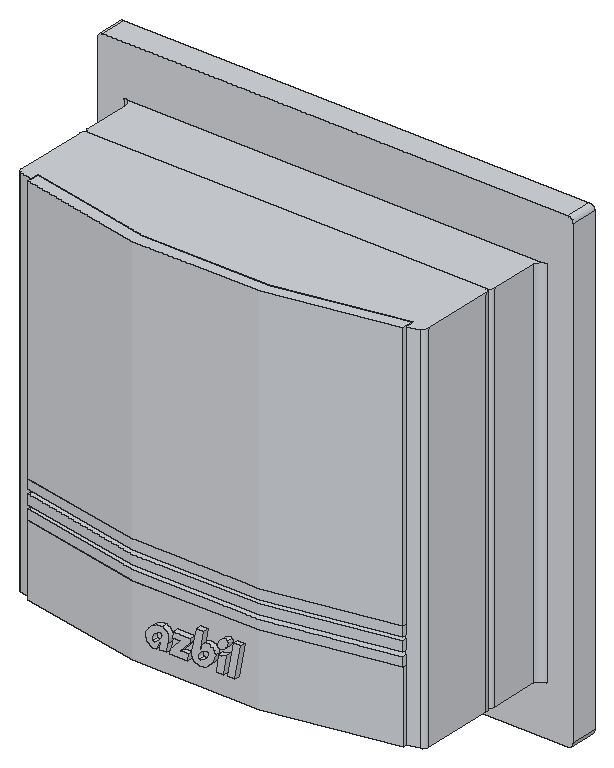
Revit family "室内用湿度ｾﾝｻｰver.2019(ロゴあり)", category 電気設備, Revit 2019
Family settings
  パネル構成 = 2 列表示、回路横
  丸型コネクタ寸法 = 直径を使用
  パーツ タイプ = 配電盤
  OmniClass 番号 = 23.80.30.11.17
  OmniClass タイトル = Distribution Boards and Control Panels
  作業面ベース = いいえ
  常に垂直 = はい
  ロード時にボイドで切り取り = いいえ
  共有 = いいえ
  部屋計算ポイント = いいえ
Parameters
  電線管φ [instance] = 1 mm
Reference planes
  plane 1 "中心(正面/背面)": y = 0
  plane 2: z = 0
  plane 3 "中心(左/右)": x = 0
Forms (mm)
  Extrusion 1, solid
    sketch origin (0, 0, 0) x (1, 0, 0) y (0, 0, 1)
      loop
        arc (-45, -44) -> (-44.707, -44.707) -> (-44, -45) r 1
        line (-44, -45) -> (44, -45)
        arc (44, -45) -> (44.707, -44.707) -> (45, -44) r 1
        line (45, -44) -> (45, 44)
        arc (45, 44) -> (44.707, 44.707) -> (44, 45) r 1
        line (44, 45) -> (-44, 45)
        arc (-44, 45) -> (-44.707, 44.707) -> (-45, 44) r 1
        line (-45, 44) -> (-45, -44)
    from -27.5 to -22.5
  Extrusion 2, solid
    sketch origin (0, 0, 0) x (1, 0, 0) y (0, 1, 0)
      loop
        arc (-40, 22.5) -> (-38.939, 22.061) -> (-38.5, 21) r 1.5
        line (-38.5, 21) -> (-38.5, 12)
        arc (-38.5, 12) -> (-38.207, 11.293) -> (-37.5, 11) r 1
        line (-37.5, 11) -> (37.5, 11)
        arc (37.5, 11) -> (38.207, 11.293) -> (38.5, 12) r 1
        line (38.5, 12) -> (38.5, 21)
        arc (38.5, 21) -> (38.939, 22.061) -> (40, 22.5) r 1.5
        line (40, 22.5) -> (-40, 22.5)
    from -35.5 to 35.41
  Extrusion 3, solid
    sketch origin (0, 0, 0) x (1, 0, 0) y (0, 1, 0)
      loop
        arc (-37.5, 11) -> (-38.207, 10.707) -> (-38.5, 10) r 1
        line (-38.5, 10) -> (-38.5, -3.669)
        arc (-38.5, -3.669) -> (-38.307, -4.259) -> (-37.804, -4.622) r 1
        arc (-37.804, -4.622) -> (-36.654, -4.982) -> (-35.5, -5.331) r 124.5
        line (-35.5, -5.331) -> (-35.5, -3.557)
        arc (-35.5, -3.557) -> (0, -8.8) -> (35.5, -3.557) r 122.8
        line (35.5, -3.557) -> (35.5, -5.331)
        arc (35.5, -5.331) -> (36.654, -4.982) -> (37.804, -4.622) r 124.5
        arc (37.804, -4.622) -> (38.307, -4.259) -> (38.5, -3.669) r 1
        line (38.5, -3.669) -> (38.5, 10)
        arc (38.5, 10) -> (38.207, 10.707) -> (37.5, 11) r 1
        line (37.5, 11) -> (-37.5, 11)
    from -35.5 to 35.5
  Extrusion 4, solid
    sketch origin (0, 0, 0) x (1, 0, 0) y (0, 1, 0)
      loop
        arc (-35.5, -5.853) -> (0, -11) -> (35.5, -5.853) r 125
        line (35.5, -5.853) -> (35.5, -3.557)
        arc (35.5, -3.557) -> (0, -8.8) -> (-35.5, -3.557) r 122.8
        line (-35.5, -3.557) -> (-35.5, -5.853)
    from -35.5 to -22
  Extrusion 5, solid
    sketch origin (0, -0.043, 0) x (1, 0, 0) y (0, 1, 0)
      loop
        arc (-35.5, -5.853) -> (0, -11) -> (35.5, -5.853) r 125
        line (35.5, -5.853) -> (35.5, -3.557)
        arc (35.5, -3.557) -> (0, -8.8) -> (-35.5, -3.557) r 122.8
        line (-35.5, -3.557) -> (-35.5, -5.853)
    from -15 to 35.5
  Extrusion 6, solid
    sketch origin (0, -0.043, -4.4) x (1, 0, 0) y (0, 1, 0)
      loop
        arc (-35.5, -5.853) -> (0, -11) -> (35.5, -5.853) r 125
        line (35.5, -5.853) -> (35.5, -3.557)
        arc (35.5, -3.557) -> (0, -8.8) -> (-35.5, -3.557) r 122.8
        line (-35.5, -3.557) -> (-35.5, -5.853)
    from -15 to -13.2
  Extrusion 7, solid
    sketch origin (0, -0.043, -1.8) x (1, 0, 0) y (0, 1, 0)
      loop
        arc (-35.5, -5.853) -> (0, -11) -> (35.5, -5.853) r 125
        line (35.5, -5.853) -> (35.5, -3.557)
        arc (35.5, -3.557) -> (0, -8.8) -> (-35.5, -3.557) r 122.8
        line (-35.5, -3.557) -> (-35.5, -5.853)
    from -15 to -13.2
  Extrusion 8, solid
    sketch origin (0, -0.043, -7) x (1, 0, 0) y (0, 1, 0)
      loop
        arc (-35.5, -5.853) -> (0, -11) -> (35.5, -5.853) r 125
        line (35.5, -5.853) -> (35.5, -3.557)
        arc (35.5, -3.557) -> (0, -8.8) -> (-35.5, -3.557) r 122.8
        line (-35.5, -3.557) -> (-35.5, -5.853)
    from -15 to -13.2
  Extrusion 9, solid
    sketch origin (0.579, -15.492, -234.375) x (1, 0, 0) y (0, 0, 1)
      loop
        line (2.028, 209.479) -> (0.657, 209.479) -> (-0.164, 205.244)
        arc (-0.164, 205.244) -> (-0.148, 204.505) -> (0.171, 203.837) r 1.754
        arc (0.171, 203.837) -> (1.022, 203.478) -> (1.944, 203.525) r 2.069
        arc (1.944, 203.525) -> (3.516, 204.557) -> (4.213, 206.303) r 3.13
        arc (4.213, 206.303) -> (3.45, 207.476) -> (2.05, 207.488) r 1.479
        line (2.05, 207.488) -> (1.419, 206.337) -> (2.028, 209.479)
      loop
        line (7.636, 209.479) -> (6.586, 203.521) -> (7.957, 203.521) -> (9.008, 209.479) -> (7.636, 209.479)
      loop
        line (5.782, 203.521) -> (6.389, 206.963)
        arc (6.389, 206.963) -> (5.696, 206.683) -> (4.953, 206.603) r 2.712
        line (4.953, 206.603) -> (4.41, 203.521) -> (5.782, 203.521)
      loop
        line (-4.41, 203.521) -> (-0.981, 203.521) -> (-0.781, 204.656) -> (-2.4, 204.656) -> (-0.508, 206.642) -> (-0.342, 207.493) -> (-3.677, 207.493) -> (-3.877, 206.358) -> (-2.297, 206.358) -> (-4.254, 204.401) -> (-4.41, 203.521)
      loop
        arc (-4.811, 205.09) -> (-4.628, 206.587) -> (-5.775, 207.566) r 1.594
        arc (-5.775, 207.566) -> (-7.883, 206.92) -> (-8.997, 205.017) r 3.033
        arc (-8.997, 205.017) -> (-8.305, 203.731) -> (-6.863, 203.502) r 1.646
        line (-6.863, 203.502) -> (-6.23, 204.656) -> (-6.372, 203.521) -> (-4.978, 203.521)
        arc (-4.978, 203.521) -> (-4.916, 204.308) -> (-4.811, 205.09) r 14.52
      loop
        spline (4.823, 207.767) -> (4.981, 207.669) -> (5.188, 207.637) -> (5.429, 207.673) -> (5.689, 207.775) -> (5.949, 207.936) -> (6.192, 208.146) -> (6.401, 208.389) -> (6.562, 208.649) -> (6.665, 208.909) -> (6.701, 209.15) -> (6.669, 209.357) -> (6.571, 209.514)
        spline (6.571, 209.514) -> (6.413, 209.613) -> (6.206, 209.645) -> (5.965, 209.609) -> (5.705, 209.506) -> (5.445, 209.345) -> (5.202, 209.136) -> (4.993, 208.893) -> (4.831, 208.632) -> (4.729, 208.373) -> (4.693, 208.131) -> (4.725, 207.925) -> (4.823, 207.767)
    from -4.5 to -3.547
  Extrusion 10, void
    sketch origin (0.653, -15.156, -234.375) x (1, 0, 0) y (0, 0, 1)
      loop
        spline (-7.641, 204.685) -> (-7.501, 204.603) -> (-7.315, 204.582) -> (-7.094, 204.626) -> (-6.854, 204.73) -> (-6.611, 204.887) -> (-6.381, 205.088) -> (-6.181, 205.318) -> (-6.023, 205.561) -> (-5.919, 205.801) -> (-5.875, 206.022) -> (-5.896, 206.208) -> (-5.978, 206.347)
        spline (-5.978, 206.347) -> (-6.117, 206.43) -> (-6.304, 206.45) -> (-6.525, 206.407) -> (-6.765, 206.303) -> (-7.008, 206.145) -> (-7.238, 205.945) -> (-7.438, 205.715) -> (-7.596, 205.472) -> (-7.7, 205.231) -> (-7.743, 205.011) -> (-7.723, 204.824) -> (-7.641, 204.685)
      loop
        spline (1.155, 204.646) -> (1.294, 204.563) -> (1.48, 204.543) -> (1.701, 204.587) -> (1.941, 204.691) -> (2.184, 204.848) -> (2.414, 205.049) -> (2.615, 205.278) -> (2.772, 205.522) -> (2.876, 205.762) -> (2.92, 205.983) -> (2.899, 206.169) -> (2.817, 206.308)
        spline (2.817, 206.308) -> (2.678, 206.391) -> (2.491, 206.411) -> (2.27, 206.368) -> (2.03, 206.264) -> (1.787, 206.106) -> (1.557, 205.906) -> (1.357, 205.676) -> (1.199, 205.433) -> (1.095, 205.192) -> (1.052, 204.972) -> (1.072, 204.785) -> (1.155, 204.646)
    from -4.163 to -2.257
  Extrusion 11, solid
    sketch origin (0, 0, 0) x (1, 0, 0) y (0, 0, 1)
      loop
        circle (0, 0) r 0.5
    from -27.5 to -11
Cuts and joins
  Extrusion 10 cuts Extrusion 9
Dimensions and locks
  "電線管φ": diameter of Extrusion 11 sketch curve
  aligned and locked: level to plane 2
Automatic sketch dimensions
  Extrusion 1 sketch curve to plane 3 "中心(左/右)" = 45 mm
  Extrusion 1 sketch curve to Extrusion 1 sketch curve = 1 mm  (x3)
  plane 3 "中心(左/右)" to Extrusion 1 sketch curve = 44 mm  (x2)
  Extrusion 1 sketch curve to level = 45 mm
  level to Extrusion 1 sketch curve = 44 mm
  Extrusion 2 sketch curve to plane 3 "中心(左/右)" = 40 mm
  Extrusion 2 sketch curve to Extrusion 2 sketch curve = 1.5 mm  (x2)
  Extrusion 2 sketch curve to Extrusion 2 sketch curve = 1 mm  (x2)
  Extrusion 2 sketch curve to plane 1 "中心(正面/背面)" = 11 mm
  plane 3 "中心(左/右)" to Extrusion 2 sketch curve = 37.5 mm
  Extrusion 2 sketch curve to Extrusion 2 sketch curve = 9 mm  (x2)
  Extrusion 2 sketch curve to Extrusion 2 sketch curve = 0 mm  (x3)
  Extrusion 3 sketch curve to Extrusion 3 sketch curve = 0 mm  (x6)
  Extrusion 3 sketch curve to plane 3 "中心(左/右)" = 0 mm
  plane 1 "中心(正面/背面)" to Extrusion 3 sketch curve = 5.331 mm  (x2)
  Extrusion 3 sketch curve to plane 3 "中心(左/右)" = 35.5 mm
  Extrusion 3 sketch curve to Extrusion 3 sketch curve = 2 mm  (x4)
  Extrusion 3 sketch curve to Extrusion 3 sketch curve = 1 mm  (x2)
  plane 3 "中心(左/右)" to Extrusion 3 sketch curve = 35.5 mm
  Extrusion 3 sketch curve to Extrusion 3 sketch curve = 1.662 mm  (x2)
  Extrusion 3 sketch curve to Extrusion 3 sketch curve = 1.775 mm
  Extrusion 3 sketch curve to plane 1 "中心(正面/背面)" = 10 mm
  Extrusion 3 sketch curve to Extrusion 3 sketch curve = 103 mm
  Extrusion 4 sketch curve to Extrusion 4 sketch curve = 0 mm  (x2)
  Extrusion 4 sketch curve to plane 3 "中心(左/右)" = 0 mm
  plane 1 "中心(正面/背面)" to Extrusion 4 sketch curve = 5.853 mm  (x2)
  Extrusion 4 sketch curve to plane 3 "中心(左/右)" = 35.5 mm
  Extrusion 4 sketch curve to Extrusion 4 sketch curve = 2.296 mm
  Extrusion 4 sketch curve to plane 1 "中心(正面/背面)" = 114 mm
  Extrusion 5 sketch curve to Extrusion 5 sketch curve = 0 mm  (x2)
  Extrusion 5 sketch curve to plane 3 "中心(左/右)" = 0 mm
  plane 1 "中心(正面/背面)" to Extrusion 5 sketch curve = 5.896 mm  (x2)
  Extrusion 5 sketch curve to plane 3 "中心(左/右)" = 35.5 mm
  Extrusion 5 sketch curve to Extrusion 5 sketch curve = 2.296 mm
  Extrusion 5 sketch curve to plane 1 "中心(正面/背面)" = 113.957 mm
  Extrusion 6 sketch curve to Extrusion 6 sketch curve = 0 mm  (x2)
  Extrusion 6 sketch curve to plane 3 "中心(左/右)" = 0 mm
  plane 1 "中心(正面/背面)" to Extrusion 6 sketch curve = 5.896 mm  (x2)
  Extrusion 6 sketch curve to plane 3 "中心(左/右)" = 35.5 mm
  Extrusion 6 sketch curve to Extrusion 6 sketch curve = 2.296 mm
  Extrusion 6 sketch curve to plane 1 "中心(正面/背面)" = 113.957 mm
  Extrusion 7 sketch curve to Extrusion 7 sketch curve = 0 mm  (x2)
  Extrusion 7 sketch curve to plane 3 "中心(左/右)" = 0 mm
  plane 1 "中心(正面/背面)" to Extrusion 7 sketch curve = 5.896 mm  (x2)
  Extrusion 7 sketch curve to plane 3 "中心(左/右)" = 35.5 mm
  Extrusion 7 sketch curve to Extrusion 7 sketch curve = 2.296 mm
  Extrusion 7 sketch curve to plane 1 "中心(正面/背面)" = 113.957 mm
  Extrusion 8 sketch curve to Extrusion 8 sketch curve = 0 mm  (x2)
  Extrusion 8 sketch curve to plane 3 "中心(左/右)" = 0 mm
  plane 1 "中心(正面/背面)" to Extrusion 8 sketch curve = 5.896 mm  (x2)
  Extrusion 8 sketch curve to plane 3 "中心(左/右)" = 35.5 mm
  Extrusion 8 sketch curve to Extrusion 8 sketch curve = 2.296 mm
  Extrusion 8 sketch curve to plane 1 "中心(正面/背面)" = 113.957 mm
  Extrusion 9 sketch curve to plane 3 "中心(左/右)" = 6.773 mm
  Extrusion 9 sketch curve to Extrusion 9 sketch curve = 0.489 mm
  Extrusion 9 sketch curve to Extrusion 9 sketch curve = 0.491 mm
  Extrusion 9 sketch curve to Extrusion 9 sketch curve = 0.142 mm
  Extrusion 9 sketch curve to Extrusion 9 sketch curve = 0.117 mm
  Extrusion 9 sketch curve to Extrusion 9 sketch curve = 0.229 mm
  Extrusion 9 sketch curve to Extrusion 9 sketch curve = 1.394 mm
  Extrusion 9 sketch curve to Extrusion 9 sketch curve = 0.569 mm
  Extrusion 9 sketch curve to Extrusion 9 sketch curve = 0.155 mm
  Extrusion 9 sketch curve to Extrusion 9 sketch curve = 0.378 mm
  Extrusion 9 sketch curve to Extrusion 9 sketch curve = 0.2 mm
  Extrusion 9 sketch curve to plane 3 "中心(左/右)" = 1.82 mm
  Extrusion 9 sketch curve to Extrusion 9 sketch curve = 1.579 mm
  Extrusion 9 sketch curve to plane 3 "中心(左/右)" = 0.402 mm
  Extrusion 9 sketch curve to plane 3 "中心(左/右)" = 0.202 mm
  plane 3 "中心(左/右)" to Extrusion 9 sketch curve = 0.072 mm
  plane 3 "中心(左/右)" to Extrusion 9 sketch curve = 0.237 mm
  plane 3 "中心(左/右)" to Extrusion 9 sketch curve = 0.416 mm
  plane 3 "中心(左/右)" to Extrusion 9 sketch curve = 1.236 mm
  Extrusion 9 sketch curve to Extrusion 9 sketch curve = 1.599 mm
  Extrusion 9 sketch curve to Extrusion 9 sketch curve = 0.289 mm
  Extrusion 9 sketch curve to Extrusion 9 sketch curve = 0.328 mm
  Extrusion 9 sketch curve to Extrusion 9 sketch curve = 0.178 mm
  Extrusion 9 sketch curve to Extrusion 9 sketch curve = 1.372 mm  (x3)
  Extrusion 9 sketch curve to Extrusion 9 sketch curve = 0.631 mm
  Extrusion 9 sketch curve to Extrusion 9 sketch curve = 1.319 mm
  Extrusion 9 sketch curve to Extrusion 9 sketch curve = 1.671 mm
  Extrusion 9 sketch curve to Extrusion 9 sketch curve = 2.215 mm
  Extrusion 9 sketch curve to Extrusion 9 sketch curve = 0.082 mm
  Extrusion 9 sketch curve to Extrusion 9 sketch curve = 1.435 mm
  Extrusion 9 sketch curve to Extrusion 9 sketch curve = 0.804 mm
  Extrusion 9 sketch curve to Extrusion 9 sketch curve = 2.601 mm
  Extrusion 9 sketch curve to Extrusion 9 sketch curve = 1.371 mm
  Extrusion 9 sketch curve to Extrusion 9 sketch curve = 1.566 mm
  Extrusion 9 sketch curve to level = 31.608 mm
  Extrusion 9 sketch curve to Extrusion 9 sketch curve = 0.735 mm
  Extrusion 9 sketch curve to Extrusion 9 sketch curve = 0.019 mm
  Extrusion 9 sketch curve to Extrusion 9 sketch curve = 0.754 mm  (x2)
  Extrusion 9 sketch curve to Extrusion 9 sketch curve = 0 mm  (x2)
  Extrusion 9 sketch curve to Extrusion 9 sketch curve = 0.88 mm
  Extrusion 9 sketch curve to Extrusion 9 sketch curve = 1.02 mm
  Extrusion 9 sketch curve to Extrusion 9 sketch curve = 1.135 mm
  Extrusion 9 sketch curve to Extrusion 9 sketch curve = 0.115 mm
  Extrusion 9 sketch curve to Extrusion 9 sketch curve = 0.255 mm
  Extrusion 9 sketch curve to Extrusion 9 sketch curve = 0.417 mm
  Extrusion 9 sketch curve to Extrusion 9 sketch curve = 0.589 mm
  Extrusion 9 sketch curve to Extrusion 9 sketch curve = 0.605 mm
  Extrusion 9 sketch curve to Extrusion 9 sketch curve = 1.352 mm
  Extrusion 9 sketch curve to Extrusion 9 sketch curve = 0.664 mm
  Extrusion 9 sketch curve to Extrusion 9 sketch curve = 0.822 mm
  Extrusion 9 sketch curve to Extrusion 9 sketch curve = 1.703 mm
  Extrusion 9 sketch curve to Extrusion 9 sketch curve = 0.199 mm
  Extrusion 9 sketch curve to Extrusion 9 sketch curve = 0.423 mm
  Extrusion 9 sketch curve to Extrusion 9 sketch curve = 1.398 mm
  Extrusion 9 sketch curve to Extrusion 9 sketch curve = 0.361 mm
  Extrusion 9 sketch curve to Extrusion 9 sketch curve = 1.151 mm
  Extrusion 9 sketch curve to Extrusion 9 sketch curve = 0.851 mm
  Extrusion 9 sketch curve to Extrusion 9 sketch curve = 2.516 mm
  Extrusion 9 sketch curve to Extrusion 9 sketch curve = 1.991 mm
  Extrusion 9 sketch curve to Extrusion 9 sketch curve = 1.645 mm
  Extrusion 9 sketch curve to Extrusion 9 sketch curve = 0.338 mm
  plane 3 "中心(左/右)" to Extrusion 9 sketch curve = 0.75 mm
  Extrusion 9 sketch curve to Extrusion 9 sketch curve = 0.13 mm
  Extrusion 9 sketch curve to Extrusion 9 sketch curve = 0.662 mm
  Extrusion 9 sketch curve to Extrusion 9 sketch curve = 1.164 mm
  Extrusion 10 sketch curve to plane 3 "中心(左/右)" = 6.988 mm
  plane 3 "中心(左/右)" to Extrusion 10 sketch curve = 1.808 mm
  Extrusion 10 sketch curve to level = 29.729 mm
  Extrusion 10 sketch curve to Extrusion 10 sketch curve = 0.831 mm  (x2)
  Extrusion 10 sketch curve to Extrusion 10 sketch curve = 0.039 mm
  Extrusion 11 sketch curve to level = 0 mm
  Extrusion 11 sketch curve to plane 3 "中心(左/右)" = 0 mm
Connectors
  electrical at (0, 22.5, -0.045)
    settings: on Extrusion 2, index 1, voltage 0 V, apparent load 0 VA, apparent load phase1 0 VA, apparent load phase2 0 VA, apparent load phase3 0 VA, power factor 1, load classification "その他", number of poles 1, system type 31, power factor state 1, is connector primary yes, connector utility no, sub classification motor no, connector description ""
  cabletrayconduit at (0, 27.5, 0), diameter 1, driven by "電線管φ"
    settings: on Extrusion 11, index 2, connector width 300 mm, connector height 300 mm, connector angle 0.00°, system type 32, placement type 0, profile type 0, connector reference index -1, is primary connector yes, connector utility param no, connector description ""
